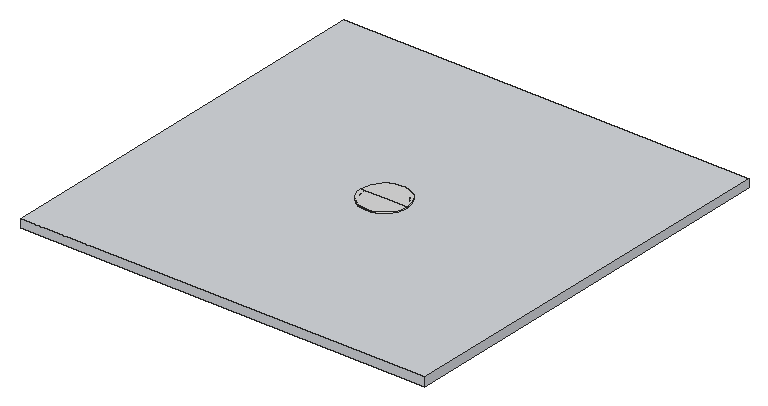
Revit family "Loudspeaker-Ceiling Mounted-Q-SYS-AD-C6T-ZB", category Communication Devices, host Face, Revit 2021
Family settings
  Host = Face
  Maintain Annotation Orientation = No
  Round Connector Dimension = Use Diameter
  Part Type = Normal
  OmniClass Number = 23.85.10.11.14.14.14
  OmniClass Title = Loudspeakers
  Cut with Voids When Loaded = No
  Shared = No
  Room Calculation Point = No
Parameters (values of type "White")
  Weight = 9.50 lbm
  Part Number = "AD-C6T-ZB"
  OmniClass Number = "23.85.10.11.14.14.14"
  Length 15 = 5.75"
  Length 11 = 0.57501"
  Length 10 = Length 7 * cos(Taper Angle)  # 0.99863"
  Length 9 = 0.59495"
  Length 8 = 0.76842"
  Length 7 = 1.00"
  Width = Grille Diameter  # 11.03"
  Weight Product = 9.5
  Weight Dimensional = 27.8
  Visibility 3 [instance] = Adjustable Tile Bridge  # no
  Visibility 2 [instance] = 1 > 0  # yes
  URL = "https://www.qsys.com"
  Type Comments = "White"
  Taper Angle = 3.00°
  Sustainability Rating = "n/a"
  Support Width = 25.30"
  Support Offset [instance] = 3.00"
  Support Material = Metal - Q-SYS - Steel
  Support Length = 25.57"
  Support Height [instance] = 1.26"  # constant formula
  Speaker Offset Label [instance] = Speaker Offset  # 0.00"
  Speaker Offset [instance] = 0.00"
  Sensitivity = 88
  SPL Max = 106
  Round Grille [instance] = 1 > 0  # yes
  Regulatory Compliance = "UL1480, UL2043, NFPA90, NFPA70 suitable for use in air handling spaces. Transformer UL registered per UL1876, ROHS, CE compliant. Baffle meets UL94-V0 and UL94-5 VB flamibility rating; in accordance with IEC60849 / EN60849 systems."
  Rail Width = 0.875"
  Product Page URL = "https://www.qsys.com/products/loudspeakers/installed/passive/ceiling-mount/acousticdesign-series/ad-c6t-zb/"
  Product Documentation Link = "https://www.qsys.com/resource-files/productresources/spk/ad/ad-c6t-zb/q_spk_ad_c6t_zb_specsheet.pdf"
  Number of Bands = 1  # constant formula
  Model = "AD-C6T-ZB"
  Manufacturer URL = "https://www.qsys.com"
  Length 6 [instance] = Support Height  # 1.26"
  Impedance = 16
  IQ Category = "Loudspeaker"
  Height [instance] = Grille Height + Body Height + Clip Height  # 9.29"
  Grille Radius = Grille Diameter / 2  # 5.515"
  Offset = 0.00"
  Manufacturer = "Q-SYS"
  Length 4 = ATB Inside Radius + 0.80"  # 5.80"
  Length 3 [instance] = if(Speaker Offset < 0.00", 40.00" - abs(Speaker Offset Label), 40.00" + Speaker Offset Label)  # 40.00"
  Length 2 = Body Radius * 1.35  # 6.43275"
  Length 1 = Body Diameter / 2 - 0.25"  # 4.515"
  Highlight Material = Fabric - Q-SYS - White Mesh
  Grille Height = 0.20"
  Grille Diameter = 11.03"
  Frequency Range = "70 Hz - 20 kHz"
  Description = "6.5” small format, zero bezel ceiling mount loudspeaker."
  Default Elevation = 48.00"
  Coverage Vertical = 135.00°
  Coverage Horizontal = 135.00°
  Cover Radius = Grille Radius  # 5.515"
  Cover Material = Paint - Q-SYS - White
  Clip Radius = Clip Diameter / 2  # 0.15"
  Clip Height = 0.40"
  Clip Diameter = 0.30"
  Body Radius = Body Diameter / 2  # 4.765"
  Body Material = Paint - Q-SYS - Black
  Body Height = 8.69"
  Body Diameter = 9.53"
  Assembly Code = "E1020500"
  Adjustable Tile Bridge [instance] = no
  ATB Inside Radius = ATB Inside Diameter / 2  # 5.00"
  ATB Inside Diameter = 10.00"
  70V Taps = "3.75 W, 7.5 W, 15 W, 30 W"
  100V Taps = "15 W, 30 W, 60 W"
Reference planes (in)
  plane 1 "Center (Front/Back)": y = 0
  plane 2: z = 0
  plane 3 "Center (Left/Right)": x = 0
  plane 4 "Left": x = -5.515
  plane 5 "Right": x = 5.515
  plane 6 "Front": y = -5.515
  plane 7 "Back": y = 5.515
  plane 8 "Bottom": z = 0.2
  plane 9 "Top": z = -9.09
  plane 10 "body left": x = -4.765
  plane 11 "body right": x = 4.765
  plane 12 "body front": y = -4.765
  plane 13 "body back": y = 4.765
  plane 14 "plate top": z = 0
  plane 15 "body top": z = -8.69
  plane 16: z = -0.75
  plane 17 "Speaker CL": x = 0
  plane 18 "pivot": x = -40
  plane 19 "support bottom": z = -3
  plane 20 "support top": z = -4.26
  plane 21 "support back": y = 12.65
  plane 22 "support back inside": y = 11.775
  plane 23 "support front": y = -12.65
  plane 24 "support front inside": y = -11.775
  plane 25 "support left": x = -12.785
  plane 26 "support right": x = 12.785
  plane 27: z = -3.1
  plane 28: x = 0
  plane 29 "2d bottom": z = 0.1
  plane 30: z = -3.2
Forms (in)
  Extrusion 1, solid
    sketch origin (0, 0, 0) x (1, 0, 0) y (0, 1, 0)
      loop
        line (-48, 48) -> (-48, -48) -> (48, -48) -> (48, 48) -> (-48, 48)
    from 0 to -2
  Revolve 2, solid, material "Paint - Q-SYS - Black" <- "Body Material", visible <- "Visibility 2", detail levels medium+fine
    sketch origin (0, 0, 0) x (1, 0, 0) y (0, 0, 1)
      loop
        line (0, -8.69) -> (0, 0) -> (-4.765, 0) -> (-4.765, -8.69) -> (0, -8.69)
      axis (0, 0) -> (0, -8.69)
    angle from 0 to 360
  Extrusion 3, solid, material "Paint - Q-SYS - Black" <- "Body Material", visible <- "Visibility 2", detail levels fine
    sketch origin (0, 0, 0) x (1, 0, 0) y (0, 0, 1)
      loop
        arc (-0.15, -8.94) -> (0, -9.09) -> (0.15, -8.94) r 0.15
        line (0.15, -8.94) -> (0.15, -8.69) -> (-0.15, -8.69) -> (-0.15, -8.94)
    from -3.68 to -3.775
  Extrusion 4, void
    sketch origin (0, 0, 0) x (1, 0, 0) y (0, 1, 0)
      loop
        line (-6.43275, 3.775) -> (0, -7.36685) -> (6.43275, 3.775) -> (-6.43275, 3.775)
      loop
        circle (0, 0) r 9.53
    from -8.69 to 0
  Extrusion 5, solid, material "Metal - Q-SYS - Steel" <- "Support Material", visible <- "Adjustable Tile Bridge", detail levels medium+fine
    sketch origin (0, 0, 0) x (0, 1, 0) y (0, 0, 1)
      loop
        line (-12.65, -3) -> (-12.65, -4.26) -> (-12.55, -4.26) -> (-12.55, -3.1) -> (-11.775, -3.1) -> (-11.775, -3) -> (-12.65, -3)
      loop
        line (12.65, -3) -> (11.775, -3) -> (11.775, -3.1) -> (12.55, -3.1) -> (12.55, -4.26) -> (12.65, -4.26) -> (12.65, -3)
    from -12.785 to 12.785
  Extrusion 6, solid, material "Metal - Q-SYS - Steel" <- "Support Material", visible <- "Adjustable Tile Bridge", detail levels medium+fine
    sketch origin (0, 0, -3) x (0, 1, 0) y (-1, 0, 0)
      loop
        circle (0, 0) r 5
      loop
        arc (5.71314, 1) -> (0, 5.8) -> (-5.71314, 1) r 5.8
        line (-5.71314, 1) -> (-12.55, 1) -> (-12.55, -1) -> (-5.71314, -1)
        arc (-5.71314, -1) -> (0, -5.8) -> (5.71314, -1) r 5.8
        line (5.71314, -1) -> (12.55, -1) -> (12.55, 1) -> (5.71314, 1)
    from -0.2 to -0.1
  Extrusion 7, solid, material "Metal - Q-SYS - Steel" <- "Support Material", visible <- "Adjustable Tile Bridge", detail levels fine
    sketch origin (0, 0, -3) x (0, 1, 0) y (-1, 0, 0)
      loop
        line (12.55, 1) -> (12.45, 1) -> (12.45, -1) -> (12.55, -1) -> (12.55, 1)
      loop
        line (-12.45, 1) -> (-12.55, 1) -> (-12.55, -1) -> (-12.45, -1) -> (-12.45, 1)
    from -1.26 to -0.2
  Extrusion 8, void
    sketch origin (0, 0, -3) x (0, 1, 0) y (-1, 0, 0)
      loop
        circle (0, 0) r 4.765
    from -6.09 to 3.2
  Revolve 9, solid, material "Paint - Q-SYS - White" <- "Cover Material", visible <- "Round Grille", detail levels medium+fine
    sketch origin (0, 0, 0) x (1, 0, 0) y (0, 0, 1)
      loop
        line (0, 0.2) -> (-5.515, 0.2) -> (-5.515, 0) -> (0, 0) -> (0, 0.2)
      axis (0, 0.2) -> (0, 0)
    angle from 0 to 360
  Revolve 10, solid, detail levels coarse
    sketch origin (0, 0, 0) x (1, 0, 0) y (0, 0, 1)
      loop
        line (-5.515, 0.2) -> (-5.515, 0) -> (-4.765, 0) -> (-4.765, -9.09) -> (0, -9.09) -> (0, 0.2) -> (-5.515, 0.2)
      axis (0, 0.2) -> (0, -9.09)
    angle from 0 to 360
Cuts and joins
  Extrusion 4 cuts Revolve 2
Lines and regions (in)
  Masking region 1, visible <- "Round Grille", detail levels medium+fine
    outline origin (0, 0, 0.1) x (-1, 0, 0) y (0, -1, 0)
      loop
        circle (0, 0) r 5.515
  Masking region 2, visible <- "Adjustable Tile Bridge", detail levels medium+fine
    outline origin (0, 0, -4.26) x (0, 1, 0) y (-1, 0, 0)
      loop
        arc (5.71314, 1) -> (0, 5.8) -> (-5.71314, 1) r 5.8
        line (-5.71314, 1) -> (-12.55, 1) -> (-12.55, -1) -> (-5.71314, -1)
        arc (-5.71314, -1) -> (0, -5.8) -> (5.71314, -1) r 5.8
        line (5.71314, -1) -> (12.55, -1) -> (12.55, 1) -> (5.71314, 1)
      loop
        circle (0, 0) r 5
  Masking region 3, detail levels medium+fine
    outline origin (0, 0, -8.69) x (-1, 0, 0) y (0, -1, 0)
      loop
        circle (0, 0) r 4.765
  Masking region 4, visible <- "Adjustable Tile Bridge", detail levels medium+fine
    outline origin (0, 0, -3) x (0, 1, 0) y (-1, 0, 0)
      loop
        line (12.65, 12.785) -> (11.775, 12.785) -> (11.775, -12.785) -> (12.65, -12.785) -> (12.65, 12.785)
      loop
        line (-11.775, 12.785) -> (-12.65, 12.785) -> (-12.65, -12.785) -> (-11.775, -12.785) -> (-11.775, 12.785)
  Masking region 5
    outline origin (0, 0, 0) x (1, 0, 0) y (0, 0, 1)
      loop
        line (-5.515, 0.2) -> (-5.515, 0) -> (-4.765, 0) -> (-4.765, -8.69) -> (4.765, -8.69) -> (4.765, 0) -> (5.515, 0) -> (5.515, 0.2) -> (-5.515, 0.2)
  Masking region 6, visible <- "Visibility 2", detail levels fine
    outline origin (0, 0, 0) x (1, 0, 0) y (0, 0, 1)
      loop
        line (0.15, -8.94) -> (0.15, -8.69) -> (-0.15, -8.69) -> (-0.15, -8.94)
        arc (-0.15, -8.94) -> (0, -9.09) -> (0.15, -8.94) r 0.15
  Masking region 7, visible <- "Visibility 3", detail levels medium+fine
    outline origin (0, 0, 0) x (1, 0, 0) y (0, 0, 1)
      loop
        line (-12.785, -3) -> (-12.785, -4.26) -> (12.785, -4.26) -> (12.785, -3) -> (-12.785, -3)
  Masking region 8
    outline origin (0, 0, 0) x (0, 1, 0) y (0, 0, 1)
      loop
        line (5.515, 0.2) -> (-5.515, 0.2) -> (-5.515, 0) -> (-4.765, 0) -> (-4.765, -8.69) -> (3.775, -8.69) -> (3.775, 0) -> (5.515, 0) -> (5.515, 0.2)
  Masking region 9, visible <- "Adjustable Tile Bridge", detail levels medium+fine
    outline origin (0, 0, 0) x (0, 1, 0) y (0, 0, 1)
      loop
        line (12.65, -3) -> (11.775, -3) -> (11.775, -3.1) -> (-11.775, -3.1) -> (-11.775, -3) -> (-12.65, -3) -> (-12.65, -4.26) -> (-12.45, -4.26) -> (-12.45, -3.2) -> (12.45, -3.2) -> (12.45, -4.26) -> (12.65, -4.26) -> (12.65, -3)
  Masking region 10, visible <- "Visibility 2", detail levels fine
    outline origin (0, 0, 0) x (0, 1, 0) y (0, 0, 1)
      loop
        line (3.68, -8.69) -> (3.68, -9.09) -> (3.775, -9.09) -> (3.775, -8.69) -> (3.68, -8.69)
  symbolic lines, style "Outline", visible <- "Round Grille", detail levels medium+fine
    curve 1: circle (0, 0, 0.2) r 5.515 normal (0, 0, 1)
  symbolic lines, style "Support", visible <- "Adjustable Tile Bridge", detail levels medium+fine
    curve 2: line (-12.785, -12.55, -8.69) -> (12.785, -12.55, -8.69)
    curve 3: line (-12.785, 12.55, -8.69) -> (12.785, 12.55, -8.69)
    curve 10: line (-12.785, 0, -3.1) -> (12.785, 0, -3.1)
    curve 13: line (0, 11.775, -3.1) -> (0, 12.55, -3.1)
    curve 14: line (0, 12.55, -3.1) -> (0, 12.55, -4.26)
    curve 15: line (0, -12.55, -4.26) -> (0, -12.55, -3.1)
    curve 16: line (0, -12.55, -3.1) -> (0, -11.775, -3.1)
  symbolic lines, style "Support", visible <- "Adjustable Tile Bridge", detail levels fine
    curve 4: line (-1, 12.45, -8.69) -> (1, 12.45, -8.69)
    curve 5: line (-1, -12.45, -8.69) -> (1, -12.45, -8.69)
  symbolic lines, style "Detail", visible <- "Visibility 2", detail levels fine
    curve 6: line (0.15, 3.775, -9.09) -> (0.15, 3.68, -9.09)
    curve 7: line (0.15, 3.68, -9.09) -> (-0.15, 3.68, -9.09)
    curve 8: line (-0.15, 3.68, -9.09) -> (-0.15, 3.775, -9.09)
    curve 9: line (-0.15, 3.775, -9.09) -> (0.15, 3.775, -9.09)
  symbolic lines, style "Support", visible <- "Adjustable Tile Bridge"
    curve 11: line (0, 5.71314, -3.1) -> (0, 5.71314, -3.2)
    curve 12: line (0, -5.71314, -3.2) -> (0, -5.71314, -3.1)
    curve 22: line (0, 5.815, -3.1) -> (0, 5.815, -3.2)
    curve 23: line (0, -5.815, -3.2) -> (0, -5.815, -3.1)
  symbolic lines, style "Outline", detail levels medium+fine
    curve 17: line (-1.67852, -4.765, 0) -> (-1.67852, -4.765, -8.69)
    curve 18: line (1.67852, -4.765, -8.69) -> (1.67852, -4.765, 0)
    curve 19: line (-2.90768, 4.765, 0) -> (-2.90768, 4.765, -8.69)
    curve 20: line (2.90768, 4.765, -8.69) -> (2.90768, 4.765, 0)
    curve 21: line (0, 0.77615, 0) -> (0, 0.77615, -8.69)
    curve 26: line (-2.90768, 3.775, -9.09) -> (2.90768, 3.775, -9.09)
    curve 27: line (-1.67852, -4.45958, -9.09) -> (-4.70136, 0.77615, -9.09)
    curve 28: line (4.64495, 0.67844, -9.09) -> (1.67852, -4.45958, -9.09)
  symbolic lines, style "Outline"
    curve 24: line (-4.765, 0, 0) -> (4.765, 0, 0)
    curve 25: line (0, 3.775, 0) -> (0, -4.765, 0)
Dimensions and locks (in)
  equal spacing: plane 4 "Left", plane 17 "Speaker CL", plane 5 "Right"
  "Width": plane 4 "Left" to plane 5 "Right"
  equal spacing: plane 7 "Back", plane 1 "Center (Front/Back)", plane 6 "Front"
  "Width": plane 7 "Back" to plane 6 "Front"
  "Height": plane 8 "Bottom" to plane 9 "Top"
  equal spacing: plane 10 "body left", plane 17 "Speaker CL", plane 11 "body right"
  "Body Diameter": plane 10 "body left" to plane 11 "body right"
  equal spacing: plane 13 "body back", plane 1 "Center (Front/Back)", plane 12 "body front"
  "Body Diameter": plane 13 "body back" to plane 12 "body front"
  "Grille Height": plane 8 "Bottom" to plane 14 "plate top"
  "Body Height": plane 14 "plate top" to plane 15 "body top"
  "Clip Radius": Extrusion 3 sketch curve to plane 9 "Top"
  locked: plane 14 "plate top" to plane 16 at 0.75
  "Offset": plane 14 "plate top" to level
  locked: plane 18 "pivot" to plane 3 "Center (Left/Right)" at 40
  "Length 3": plane 18 "pivot" to plane 17 "Speaker CL"
  "Rail Width": plane 21 "support back" to plane 22 "support back inside"
  "Rail Width": plane 23 "support front" to plane 24 "support front inside"
  equal spacing: plane 21 "support back", plane 1 "Center (Front/Back)", plane 23 "support front"
  "Support Width": plane 21 "support back" to plane 23 "support front"
  equal spacing: plane 25 "support left", plane 3 "Center (Left/Right)", plane 26 "support right"
  "Support Length": plane 25 "support left" to plane 26 "support right"
  "Support Height": plane 19 "support bottom" to plane 20 "support top"
  equal spacing: Extrusion 6 sketch curve, plane 17 "Speaker CL", Extrusion 6 sketch curve
  locked: Extrusion 6 sketch curve to plane 17 "Speaker CL" at 1
  locked: Extrusion 7 sketch curve to Extrusion 7 sketch curve at 0.1  (x2)
  locked: Extrusion 7 sketch curve to plane 17 "Speaker CL" at 1
  plane 17 "Speaker CL" to Extrusion 7 sketch curve = 1.00"
  locked: plane 17 "Speaker CL" to Extrusion 7 sketch curve at 1
  "Support Offset": plane 14 "plate top" to plane 19 "support bottom"
  locked: plane 19 "support bottom" to plane 27 at 0.1
  "Cover Radius": Revolve 9 sketch curve to Revolve 9 sketch curve
  locked: plane 8 "Bottom" to plane 29 "2d bottom" at 0.1
  locked: curve 3 to plane 21 "support back" at 0.1
  locked: plane 23 "support front" to curve 2 at 0.1
  locked: curve 4 to Masking region 2 at 0.1
  locked: Masking region 2 to curve 5 at 0.1
  "Cover Radius": plane 17 "Speaker CL" to Masking region 5 sketch curve
  "Cover Radius": Masking region 5 sketch curve to plane 17 "Speaker CL"
  "Length 6": Masking region 7 sketch curve to Masking region 7 sketch curve
  "Cover Radius": plane 1 "Center (Front/Back)" to Masking region 8 sketch curve
  locked: Extrusion 5 sketch curve to Extrusion 5 sketch curve at 0.1  (x4)
  locked: plane 27 to plane 30 at 0.1
  locked: Extrusion 7 sketch curve to plane 21 "support back" at 0.1
  locked: Extrusion 7 sketch curve to plane 23 "support front" at 0.1
  locked: Extrusion 4 sketch curve to plane 13 "body back" at 0.99
  "Length 2": Extrusion 4 sketch curve to plane 17 "Speaker CL"
  "Length 2": plane 17 "Speaker CL" to Extrusion 4 sketch curve
  "Cover Radius": Masking region 8 sketch curve to plane 1 "Center (Front/Back)"
  "Clip Radius": radius of Extrusion 3 sketch curve
  "ATB Inside Radius": radius of Extrusion 6 sketch curve
  "Length 4": radius of Extrusion 6 sketch curve
  "Body Radius": radius of Extrusion 8 sketch curve
  "Grille Radius": radius of Masking region 1 sketch curve
  "Cover Radius": radius of curve 1
  "Body Radius": radius of Masking region 3 sketch curve
  "Body Diameter": radius of Extrusion 4 sketch curve
  locked: Extrusion 4 sketch curve to Extrusion 4 sketch curve (angle 60.00°)  (x2)
  aligned and locked: plane 2 to Extrusion 1
  aligned and locked: level to Extrusion 1
  aligned and locked: plane 15 "body top" to Revolve 2 sketch curve
  aligned and locked: plane 15 "body top" to Extrusion 3 sketch curve
  aligned and locked: Extrusion 4 to plane 15 "body top"
  aligned and locked: Revolve 2 sketch curve to plane 17 "Speaker CL"
  aligned and locked: plane 17 "Speaker CL" to Extrusion 3 sketch curve
  aligned and locked: Extrusion 5 to plane 25 "support left"
  aligned and locked: plane 26 "support right" to Extrusion 5
  aligned and locked: plane 17 "Speaker CL" to Extrusion 6 sketch curve  (x2)
  aligned and locked: plane 1 "Center (Front/Back)" to Extrusion 6 sketch curve  (x2)
  aligned and locked: Extrusion 6 sketch curve to Extrusion 6 sketch curve  (x3)
  aligned and locked: plane 27 to Extrusion 6
  aligned and locked: Extrusion 7 sketch curve to Extrusion 7 sketch curve
  aligned and locked: Extrusion 7 to plane 20 "support top"
  aligned and locked: plane 17 "Speaker CL" to Extrusion 8 sketch curve
  aligned and locked: plane 1 "Center (Front/Back)" to Extrusion 8 sketch curve
  aligned and locked: Extrusion 8 to plane 9 "Top"
  aligned and locked: plane 8 "Bottom" to Extrusion 8
  aligned and locked: Revolve 2 sketch curve to Revolve 2 sketch curve
  aligned and locked: plane 10 "body left" to Revolve 2 sketch curve
  aligned and locked: Revolve 9 sketch curve to plane 17 "Speaker CL"
  aligned and locked: plane 8 "Bottom" to Revolve 9 sketch curve
  aligned and locked: plane 14 "plate top" to Revolve 9 sketch curve
  aligned and locked: Revolve 9 sketch curve to Revolve 9 sketch curve
  aligned and locked: plane 4 "Left" to Revolve 9 sketch curve
  aligned and locked: plane 17 "Speaker CL" to plane 28
  aligned and locked: plane 17 "Speaker CL" to Masking region 1 sketch curve
  aligned and locked: plane 1 "Center (Front/Back)" to Masking region 1 sketch curve
  aligned and locked: plane 17 "Speaker CL" to curve 1
  aligned and locked: plane 1 "Center (Front/Back)" to curve 1
  aligned and locked: Masking region 2 sketch curve to Extrusion 6  (x7)
  aligned and locked: Extrusion 6 to Masking region 2 sketch curve  (x2)
  aligned and locked: plane 17 "Speaker CL" to Masking region 3 sketch curve
  aligned and locked: plane 1 "Center (Front/Back)" to Masking region 3 sketch curve
  aligned and locked: plane 25 "support left" to curve 3
  aligned and locked: plane 25 "support left" to curve 2
  aligned and locked: plane 26 "support right" to curve 3
  aligned and locked: plane 26 "support right" to curve 2
  aligned and locked: Masking region 2 to curve 4
  aligned and locked: Masking region 2 to curve 5  (x2)
  aligned and locked: Masking region 4 sketch curve to Extrusion 5  (x4)
  aligned and locked: Extrusion 3 to curve 6
  aligned and locked: curve 7 to Extrusion 3
  aligned and locked: Extrusion 3 to curve 8
  aligned and locked: curve 9 to Extrusion 3
  aligned and locked: Masking region 5 sketch curve to plane 8 "Bottom"
  aligned and locked: plane 5 "Right" to Masking region 5 sketch curve
  aligned and locked: plane 4 "Left" to Masking region 5 sketch curve
  aligned and locked: plane 14 "plate top" to Masking region 5 sketch curve
  aligned and locked: Masking region 5 sketch curve to plane 14 "plate top"
  aligned and locked: plane 10 "body left" to Masking region 5 sketch curve
  aligned and locked: plane 11 "body right" to Masking region 5 sketch curve
  aligned and locked: Masking region 5 sketch curve to plane 15 "body top"
  aligned and locked: Masking region 6 sketch curve to Extrusion 3  (x3)
  aligned and locked: Masking region 7 sketch curve to plane 19 "support bottom"
  aligned and locked: plane 25 "support left" to Masking region 7 sketch curve
  aligned and locked: Masking region 7 sketch curve to plane 26 "support right"
  aligned and locked: Masking region 8 sketch curve to plane 8 "Bottom"
  aligned and locked: plane 14 "plate top" to Masking region 8 sketch curve
  aligned and locked: Masking region 8 sketch curve to plane 14 "plate top"
  aligned and locked: plane 12 "body front" to Masking region 8 sketch curve
  aligned and locked: plane 6 "Front" to Masking region 8 sketch curve
  aligned and locked: plane 7 "Back" to Masking region 8 sketch curve
  aligned and locked: Masking region 8 sketch curve to plane 15 "body top"
  aligned and locked: plane 19 "support bottom" to Masking region 9 sketch curve
  aligned and locked: plane 21 "support back" to Masking region 9 sketch curve
  aligned and locked: Masking region 9 sketch curve to plane 20 "support top"
  aligned and locked: plane 20 "support top" to Masking region 9 sketch curve
  aligned and locked: plane 23 "support front" to Masking region 9 sketch curve
  aligned and locked: Extrusion 6 to curve 11
  aligned and locked: Extrusion 6 to curve 12
  aligned and locked: Masking region 10 sketch curve to Extrusion 3  (x2)
  aligned and locked: plane 9 "Top" to Masking region 10 sketch curve
  aligned and locked: Masking region 10 sketch curve to plane 15 "body top"
  aligned and locked: plane 3 "Center (Left/Right)" to nested 1
  aligned and locked: plane 19 "support bottom" to Extrusion 5 sketch curve
  aligned and locked: plane 21 "support back" to Extrusion 5 sketch curve
  aligned and locked: Extrusion 5 sketch curve to plane 22 "support back inside"
  aligned and locked: plane 23 "support front" to Extrusion 5 sketch curve
  aligned and locked: Extrusion 5 sketch curve to plane 24 "support front inside"
  aligned and locked: Extrusion 6 to plane 30
  aligned and locked: plane 30 to Extrusion 7
  aligned and locked: Extrusion 6 sketch curve to Extrusion 7  (x2)
  aligned and locked: Masking region 9 sketch curve to Extrusion 7  (x2)
  aligned and locked: Masking region 9 sketch curve to plane 30
  aligned and locked: plane 27 to Masking region 9 sketch curve
  aligned and locked: Masking region 9 sketch curve to plane 24 "support front inside"
  aligned and locked: Masking region 9 sketch curve to plane 19 "support bottom"
  aligned and locked: plane 22 "support back inside" to Masking region 9 sketch curve
  aligned and locked: curve 13 to Extrusion 5
  aligned and locked: curve 14 to Extrusion 5
  aligned and locked: curve 15 to Extrusion 5
  aligned and locked: curve 16 to Extrusion 5
  aligned and locked: level to Extrusion 4
  aligned and locked: Extrusion 6 to curve 4
  aligned and locked: Revolve 10 sketch curve to plane 17 "Speaker CL"
  aligned and locked: Revolve 10 sketch curve to Masking region 5  (x2)
  aligned and locked: plane 9 "Top" to Revolve 10 sketch curve
  aligned and locked: Revolve 10 sketch curve to Revolve 10 sketch curve
  aligned and locked: plane 17 "Speaker CL" to Extrusion 4 sketch curve
  aligned and locked: plane 1 "Center (Front/Back)" to Extrusion 4 sketch curve
  aligned and locked: Masking region 5 to curve 24  (x2)
  aligned and locked: curve 24 to Masking region 5
  aligned and locked: Masking region 8 to curve 25  (x2)
  aligned and locked: curve 25 to Masking region 8
  aligned and locked: Extrusion 3 to cut or joined group of Revolve 2, Extrusion 4
  aligned and locked: curve 26 to cut or joined group of Revolve 2, Extrusion 4
  aligned and locked: curve 27 to cut or joined group of Revolve 2, Extrusion 4
  aligned and locked: cut or joined group of Revolve 2, Extrusion 4 to curve 28
  aligned and locked: curve 17 to cut or joined group of Revolve 2, Extrusion 4
  aligned and locked: curve 19 to cut or joined group of Revolve 2, Extrusion 4
  aligned and locked: curve 18 to cut or joined group of Revolve 2, Extrusion 4
  aligned and locked: curve 20 to cut or joined group of Revolve 2, Extrusion 4
  aligned and locked: Masking region 8 sketch curve to cut or joined group of Revolve 2, Extrusion 4
  aligned and locked: curve 21 to cut or joined group of Revolve 2, Extrusion 4
Automatic sketch dimensions
  Extrusion 1 sketch curve to Extrusion 1 sketch curve = 96.00"  (x2)
  curve 10 to plane 25 "support left" = 0.00"
  curve 10 to plane 26 "support right" = 0.00"
  curve 10 to plane 27 = 0.00"
  Revolve 2 sketch curve to level = 0.00"
  Revolve 2 sketch curve to plane 9 "Top" = 1.9026"
  plane 8 "Bottom" to Revolve 2 sketch curve = 6.0474"
  Extrusion 5 sketch curve to plane 20 "support top" = 0.00"
  plane 20 "support top" to Extrusion 5 sketch curve = 0.00"
  Extrusion 5 sketch curve to plane 27 = 0.00"
  plane 15 "body top" to Revolve 9 sketch curve = 1.72199"
  Revolve 9 sketch curve to Revolve 9 sketch curve = 4.13199"
  plane 23 "support front" to Masking region 4 sketch curve = 0.00"
  plane 24 "support front inside" to Masking region 4 sketch curve = 0.00"
  Masking region 4 sketch curve to plane 22 "support back inside" = 0.00"
  Masking region 4 sketch curve to plane 21 "support back" = 0.00"
  Revolve 10 sketch curve to level = 0.00"
  Revolve 10 sketch curve to plane 8 "Bottom" = 0.00"
  Revolve 10 sketch curve to plane 9 "Top" = 2.54544"
  Revolve 10 sketch curve to Revolve 10 sketch curve = 5.65456"
  curve 17 to plane 15 "body top" = 0.00"
  curve 18 to plane 15 "body top" = 0.00"
  curve 18 to level = 0.00"
  curve 17 to level = 0.00"
  curve 19 to plane 15 "body top" = 0.00"
  curve 20 to plane 15 "body top" = 0.00"
  curve 16 to plane 24 "support front inside" = 0.00"
  curve 23 to plane 27 = 0.00"
  curve 23 to plane 30 = 0.00"
  curve 22 to plane 27 = 0.00"
  curve 22 to plane 30 = 0.00"
  curve 13 to plane 22 "support back inside" = 0.00"
  curve 21 to plane 15 "body top" = 0.00"
  plane 20 "support top" to curve 14 = 0.00"
  curve 15 to plane 20 "support top" = 0.00"
  curve 12 to plane 30 = 0.00"
  curve 11 to plane 30 = 0.00"
  curve 12 to plane 27 = 0.00"
  curve 11 to plane 27 = 0.00"
  curve 23 to plane 6 "Front" = 0.30"
  plane 7 "Back" to curve 22 = 0.30"
  curve 20 to level = 0.00"
  curve 19 to level = 0.00"
  plane 12 "body front" to curve 28 = 0.30542"
  curve 26 to plane 11 "body right" = 1.85732"
  curve 28 to plane 11 "body right" = 0.12005"
  plane 12 "body front" to curve 27 = 0.30542"
  plane 10 "body left" to curve 26 = 1.85732"
  plane 10 "body left" to curve 27 = 0.06364"
Nested families (in)
  nested 1: "Speaker_Symbol_Face_Based" at (0, 0, 0), type "Speaker Symbol", detail levels coarse
    with Wall Mounted no, Vertical Offset 0, Length 2 100.00", Length 1 100.00", Horizontal Offset 0
Connectors (in)
  cabletrayconduit at (0, -1.78383, -8.69), diameter 0.88
    settings: on cut or joined group of Revolve 2, Extrusion 4, index 1, connector width 12.00", connector height 12.00", connector angle 0.00°, system type 32, placement type 0, profile type 0, connector reference index -1, is primary connector yes, connector utility param no, connector description "Power Conduit"
Definition of nested family "Speaker_Symbol_Face_Based"
  Parameters (values of type "Speaker_Symbol_Face_Based")
    Wall Mounted [instance] = no
    Vertical Offset [instance] = 0
    Length 2 [instance] = (Vertical Offset * Generic Symbol Height) + 100.00"  # 100.00"
    Length 1 [instance] = (Horizontal Offset * Generic Symbol Width) + 100.00"  # 100.00"
    Horizontal Offset [instance] = 0
    Generic Symbol Width = 0.3937"
    Generic Symbol Height = 0.3937"
    Default Elevation = 48.00"
  Reference planes (in)
    plane 1 "Center (Front/Back)": y = 0
    plane 2: z = 0
    plane 3 "Center (Left/Right)": x = 0
    plane 4 "pivot x": x = -100
    plane 5 "symbol x cl": x = 0
    plane 6 "pivot y": y = -100
    plane 7 "symbol y cl": y = 0
  Forms (in)
    Extrusion 1, solid
      sketch origin (0, 0, 0) x (1, 0, 0) y (0, 1, 0)
        loop
          line (-48, 48) -> (-48, -48) -> (48, -48) -> (48, 48) -> (-48, 48)
      from 0 to -12
  Dimensions and locks (in)
    locked: plane 4 "pivot x" to plane 3 "Center (Left/Right)" at 100
    "Length 1": plane 4 "pivot x" to plane 5 "symbol x cl"
    locked: plane 1 "Center (Front/Back)" to plane 6 "pivot y" at 100
    "Length 2": plane 7 "symbol y cl" to plane 6 "pivot y"
    aligned and locked: plane 2 to Extrusion 1
    aligned and locked: level to Extrusion 1
    aligned and locked: plane 5 "symbol x cl" to nested 1
    aligned and locked: nested 1 to plane 7 "symbol y cl"
  Automatic sketch dimensions
    Extrusion 1 sketch curve to Extrusion 1 sketch curve = 96.00"  (x2)
  Nested families (in)
    nested 1: "Speaker_Symbol" at (0, 0, 0), Wall Mounted <- "Wall Mounted", type "S"
      with Wall Mounted no, Not Wall Mounted yes, Length 1 0.00"
  Definition of nested family "Speaker_Symbol"
    Parameters (values of type "S")
      Wall Mounted [instance] = yes
      Symbol Text = "S"
      Symbol Radius = 0.19685"
      Not Wall Mounted [instance] = not(Wall Mounted)  # no
      Length 1 [instance] = if(Wall Mounted, 0.25", 0.00")  # 0.25"
    Reference planes (in)
      plane 1: y = 0
      plane 2: x = 0
    Lines and regions (in)
      Masking region 1
        outline origin (0, 0, 0) x (1, 0, 0) y (0, 1, 0)
          loop
            circle (0, 0.25) r 0.19685
      detail lines, visible <- "Wall Mounted"
        curve 1: line (-0.125, 0, 0) -> (0.125, 0, 0)
        curve 2: line (0, 0, 0) -> (0, 0.0625, 0)
    Text (in)
      label "S" at (0.00112, 0.31502, 0), shows "Symbol Text", visible <- "Wall Mounted"
      label "S" at (0.00112, 0.07558, 0), shows "Symbol Text", visible <- "Not Wall Mounted"
    Dimensions and locks (in)
      "Length 1": plane 1 to Masking region 1 sketch curve
      "Symbol Radius": radius of Masking region 1 sketch curve
      aligned and locked: plane 2 to Masking region 1 sketch curve
      aligned and locked: curve 1 to curve 2
      aligned and locked: curve 2 to plane 2
      aligned and locked: plane 1 to curve 1
    Automatic sketch dimensions
      curve 1 to plane 2 = 0.125"
      plane 2 to curve 1 = 0.125"
      curve 2 to curve 2 = 0.0625"
